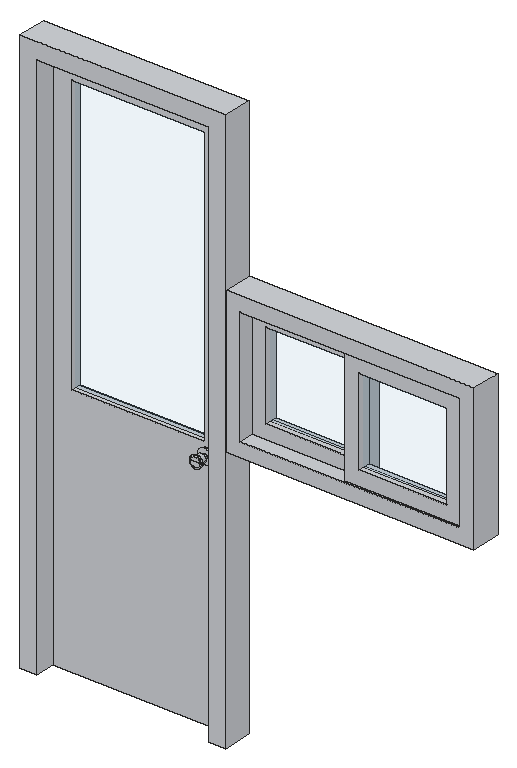
Revit family "D7_鋁門", category 門, Revit 2014
Parameters (values of type "(85+103) x 235 cm")
  玻璃 = 玻璃
  熱阻 (R) = 0.270117 (m²·K)/W
  Visual Light Transmittance = 0
  Solar Heat Gain Coefficient = 0
  營造類型 Id = "MDOOR"
  關鍵註記 = "單開門-矩形"
  傳熱係數 (U) = 3.7021 W/(m²·K)
  功能 = 室內
  門扇材料 = none
  門扇寬度 = Width - 2 * 開門側框寬度  # 750 mm
  門扇厚度 = 40 mm
  Assembly Code = ""
  Rough Height = Height  # 2350 mm
  Rough Width = Width  # 850 mm
  框架深度 = 120 mm
  框擋板寬度 = 門扇厚度 / 2  # 20 mm
  框總寬度 [instance] = 開門側框寬度 + 框擋板寬度  # 70 mm
  Height = 2350 mm
  牆封閉 = 依主體
  框架材料 = none
  開門側框寬度 = 50 mm
  握把五金 = none
  Width = 850 mm
  操作 = "左單開門方向"
  解析營造 = "金屬"
Reference planes
  plane 1: y = -210
  plane 2 "中心 (左/右)": x = 0
  plane 3 "左": x = -425
  plane 4 "右": x = 425
  plane 5: z = 2350
  plane 6 "外部": y = -135
  plane 7 "內部": y = -285
  plane 8: y = 320
  plane 9: y = -740
  plane 10: z = 1050
Forms (mm)
  Sweep 1, solid, material <- "框架材料"
    path origin (-5000, -210, 0) x (-1, 0, 0) y (0, 0, 1)
      loop
        line (-5425, 0) -> (-5425, 2350) -> (-4575, 2350) -> (-4575, 0)
    profile origin (425, -210, 1175) x (1, 0, 0) y (0, 1, 0)
      loop
        line (0, 60) -> (-50, 60) -> (-50, 20) -> (-70, 20) -> (-70, -60) -> (0, -60) -> (0, 60)
  Extrusion 2, solid, material <- "門扇材料"
    sketch origin (-5000, -210, 0) x (1, 0, 0) y (0, 0, 1)
      loop
        line (4625, 2300) -> (4625, 0) -> (5375, 0) -> (5375, 2300) -> (4625, 2300)
      loop
        line (5275, 1050) -> (5275, 2200) -> (4725, 2200) -> (4725, 1050) -> (5275, 1050)
    from -60 to -20
  Extrusion 3, solid, material "玻璃" <- "玻璃"
    sketch origin (-5000, -210, 0) x (1, 0, 0) y (0, 0, 1)
      loop
        line (5275, 2200) -> (4725, 2200) -> (4725, 1050) -> (5275, 1050) -> (5275, 2200)
    from -55 to -35
Lines and regions (mm)
  Opening 1
    outline origin (-3050, -285, 0) x (1, 0, 0) y (0, 0, 1)
      loop
        line (2625, 0) -> (3475, 0) -> (3475, 2350) -> (2625, 2350) -> (2625, 0)
  symbolic lines, style "Doors"
    curve 1: line (-375, -150, 0) -> (-335, -150, 0)
    curve 2: line (-375, 600, 0) -> (-375, -150, 0)
    curve 3: line (-335, 600, 0) -> (-375, 600, 0)
    curve 4: line (-335, -150, 0) -> (-335, 600, 0)
  symbolic lines, style "平面圖打開方向"
    curve 5: arc (375, -150, 0) -> (169.289, 365.994, 0) -> (-335, 598.933, 0) r 750
  symbolic lines, style "DoorsFrameMullionProjection"
    curve 6: line (-375, -150, 0) -> (-425, -150, 0)
    curve 7: line (-375, -270, 0) -> (-375, -150, 0)
    curve 8: line (-425, -270, 0) -> (-375, -270, 0)
    curve 9: line (-425, -150, 0) -> (-425, -270, 0)
    curve 10: line (375, -150, 0) -> (425, -150, 0)
    curve 11: line (375, -270, 0) -> (375, -150, 0)
    curve 12: line (425, -270, 0) -> (375, -270, 0)
    curve 13: line (425, -150, 0) -> (425, -270, 0)
  symbolic lines, style "立面圖打開方向"
    curve 14: line (-425, -285, 1050) -> (425, -285, 0)
    curve 15: line (-425, -135, 1050) -> (425, -135, 2350)
  model lines
    curve 16: line (275, -190, 950) -> (-275, -190, 950)
    curve 17: line (275, -190, 100) -> (275, -190, 950)
    curve 18: line (-275, -190, 100) -> (275, -190, 100)
    curve 19: line (-275, -190, 950) -> (-275, -190, 100)
    curve 20: line (-217.778, -190, 950) -> (-217.778, -190, 100)
    curve 21: line (-160.556, -190, 950) -> (-160.556, -190, 100)
    curve 22: line (-103.333, -190, 950) -> (-103.333, -190, 100)
    curve 23: line (-46.111, -190, 950) -> (-46.111, -190, 100)
    curve 24: line (11.111, -190, 950) -> (11.111, -190, 100)
    curve 25: line (68.333, -190, 950) -> (68.333, -190, 100)
    curve 26: line (125.556, -190, 950) -> (125.556, -190, 100)
    curve 27: line (182.778, -190, 950) -> (182.778, -190, 100)
    curve 28: line (240, -190, 950) -> (240, -190, 100)
    curve 29: line (275, -150, 950) -> (-275, -150, 950)
    curve 30: line (275, -150, 100) -> (275, -150, 950)
    curve 31: line (-275, -150, 100) -> (275, -150, 100)
    curve 32: line (-275, -150, 950) -> (-275, -150, 100)
    curve 33: line (-240, -150, 950) -> (-240, -150, 100)
    curve 34: line (-180, -150, 950) -> (-180, -150, 100)
    curve 35: line (-120, -150, 950) -> (-120, -150, 100)
    curve 36: line (-60, -150, 950) -> (-60, -150, 100)
    curve 37: line (0, -150, 950) -> (0, -150, 100)
    curve 38: line (60, -150, 950) -> (60, -150, 100)
    curve 39: line (120, -150, 950) -> (120, -150, 100)
    curve 40: line (180, -150, 950) -> (180, -150, 100)
    curve 41: line (240, -150, 950) -> (240, -150, 100)
Text (mm)
  text "外部" at (-2295.016, 1099.543, 0), in view "參考樓層"
  text "外部" at (0, 1615.38, 3698.081), in view "左"
  text "外部" at (0, 1036.032, 3874.932), in view "右"
Dimensions and locks
  equal spacing: plane 3 "左", plane 2 "中心 (左/右)", plane 4 "右"
  "Width": plane 3 "左" to plane 4 "右"
  "Height": plane 5 to host wall
  host wall to plane 5 = 2350 mm  (x2)
  locked: plane 6 "外部" to host wall at 0
  locked: plane 7 "內部" to host wall
  equal spacing: Sweep 1 sketch curve, host wall, Sweep 1 sketch curve
  "框架深度": Sweep 1 sketch curve to Sweep 1 sketch curve
  "門扇厚度": Sweep 1 sketch curve to Sweep 1 sketch curve
  "開門側框寬度": Sweep 1 sketch curve to Sweep 1 sketch curve
  "框擋板寬度": Sweep 1 sketch curve to Sweep 1 sketch curve
  "Width": Sweep 1 sketch curve to Sweep 1 sketch curve
  "門扇厚度": curve 2 to curve 4
  "門扇寬度": curve 3 to curve 1
  "開門側框寬度": curve 11 to Sweep 1
  "開門側框寬度": curve 9 to curve 7
  equal spacing: Sweep 1, host wall, Sweep 1  (x2)
  "框架深度": Sweep 1 to Sweep 1  (x2)
  equal spacing: curve 6, plane 1, curve 8
  "框架深度": curve 6 to curve 8
  equal spacing: curve 12, plane 1, curve 10
  "框架深度": curve 12 to curve 10
  locked: nested 2 to Sweep 1 at 75
  locked: nested 1 to Sweep 1 at 75
  equal spacing: plane 8, plane 1, plane 9
  plane 8 to plane 9 = 1060 mm
  "門扇厚度": Extrusion 2 to Extrusion 2
  equal spacing: group 2, group 3, group 4, group 5, group 6, group 7, group 8, group 9, group 10, group 11  (x3)
  "門扇寬度": radius of curve 5
  aligned and locked: plane 3 "左" to Opening 1 sketch curve
  aligned and locked: plane 5 to Opening 1 sketch curve  (x2)
  aligned and locked: Opening 1 sketch curve to plane 4 "右"
  aligned and locked: Opening 1 sketch curve to level
  aligned and locked: plane 1 to host wall
  aligned and locked: Sweep 1 to Extrusion 2 sketch curve
  aligned and locked: Extrusion 2 sketch curve to Sweep 1  (x2)
  aligned and locked: level to Extrusion 2 sketch curve
  aligned and locked: Extrusion 2 to Sweep 1
  aligned and locked: nested 1 to Extrusion 2
  aligned and locked: Extrusion 2 to nested 2
  aligned and locked: plane 4 "右" to curve 15
  aligned and locked: plane 5 to curve 15
  aligned and locked: level to curve 14
  aligned and locked: plane 4 "右" to curve 14
  aligned and locked: plane 10 to curve 15
  aligned and locked: plane 3 "左" to curve 15
  aligned and locked: curve 14 to curve 15
  aligned and locked: plane 10 to Extrusion 2
  aligned and locked: Extrusion 2 to curve 32
  aligned and locked: Extrusion 2 to curve 19
  aligned and locked: nested 5 to Sweep 1
Automatic sketch dimensions
  curve 14 to plane 10 = 0 mm
  plane 4 "右" to Sweep 1 sketch curve = 0 mm
  Sweep 1 sketch curve to plane 5 = 0 mm
  Sweep 1 sketch curve to level = 0 mm  (x2)
  Sweep 1 sketch curve to profile plane = 0 mm
  curve 9 to plane 3 "左" = 0 mm
  curve 13 to plane 4 "右" = 0 mm
  Extrusion 2 sketch curve to plane 10 = 0 mm
  Extrusion 2 sketch curve to plane 3 "左" = 150 mm
  plane 5 to Extrusion 2 sketch curve = 150 mm
  Extrusion 2 sketch curve to Extrusion 2 sketch curve = 100 mm
  Extrusion 3 sketch curve to plane 10 = 0 mm
  Extrusion 3 sketch curve to plane 3 "左" = 150 mm
  plane 5 to Extrusion 3 sketch curve = 150 mm
  plane 4 "右" to Extrusion 3 sketch curve = 150 mm
  Extrusion 2 to curve 18 = 0 mm  (x2)
  curve 18 to Extrusion 2 = 100 mm
  Extrusion 2 to curve 16 = 0 mm
  curve 17 to Extrusion 2 = 100 mm
  plane 4 "右" to curve 31 = 150 mm
  curve 30 to plane 10 = 100 mm
  curve 31 to plane 3 "左" = 150 mm
  curve 29 to plane 3 "左" = 150 mm
  level to curve 30 = 100 mm
Nested families
  nested 1: "喇叭鎖" at (355, -190, 0) x (-1, 0, 0) z (0, 0, 1), type "喇叭鎖"
  nested 2: "喇叭鎖" at (355, -150, 0) x (-1, 0, 0) z (0, 0, 1), type "喇叭鎖"
  nested 3: "喇叭鎖" at (365, 60, 1000), type "喇叭鎖", not visible
  nested 4: "喇叭鎖" at (365, 20, 1000), type "喇叭鎖", not visible
  nested 5: "雙開窗- (1)" at (940, -390, 0) x (-1, 0, 0) z (0, 0, 1), type "103 x 60 cm"
    with Height 600 mm, 預設窗台高度 1100 mm, Rough Height 600 mm, Rough Width 1030 mm, Width 1030 mm
Definition of nested family "喇叭鎖"
  Parameters (values of type "喇叭鎖")
    Assembly Code = ""
    握把高度 = 1000 mm
    握把與版面側邊距離 = 75 mm
    握把五金 = none
  Reference planes
    plane 1 "中心 (前/後)": y = 0
    plane 2: z = 0
    plane 3 "中心 (左/右)": x = 0
    plane 4: x = 75
  Forms (mm)
    Revolve 1, solid, material <- "握把五金"
      sketch origin (511.236, -60, 1000) x (1, 0, 0) y (0, 1, 0)
        loop
          line (-436.236, 60) -> (-406.236, 60) -> (-406.236, 66) -> (-426.236, 66) -> (-426.236, 85) -> (-417.636, 85) -> (-411.236, 109.7) -> (-411.236, 113.2) -> (-415.736, 115) -> (-436.236, 115) -> (-436.236, 60)
        axis (-436.236, 60) -> (-436.236, 115)
      angle from 0 to 360
  Dimensions and locks
    "握把與版面側邊距離": plane 3 "中心 (左/右)" to plane 4
    "握把高度": Revolve 1 to level
  Automatic sketch dimensions
    plane 3 "中心 (左/右)" to Revolve 1 sketch curve = 75 mm  (x2)
    Revolve 1 sketch curve to plane 1 "中心 (前/後)" = 0 mm
    plane 3 "中心 (左/右)" to Revolve 1 sketch curve = 85 mm
    Revolve 1 sketch curve to Revolve 1 sketch curve = 8.6 mm
    plane 3 "中心 (左/右)" to Revolve 1 sketch curve = 95.5 mm
    Revolve 1 sketch curve to Revolve 1 sketch curve = 4.5 mm
    Revolve 1 sketch curve to Revolve 1 sketch curve = 20 mm
    plane 1 "中心 (前/後)" to Revolve 1 sketch curve = 60 mm
    Revolve 1 sketch curve to Revolve 1 sketch curve = 6 mm
    Revolve 1 sketch curve to Revolve 1 sketch curve = 19 mm
    Revolve 1 sketch curve to Revolve 1 sketch curve = 24.7 mm
    Revolve 1 sketch curve to Revolve 1 sketch curve = 3.5 mm
    Revolve 1 sketch curve to Revolve 1 sketch curve = 1.8 mm
    Revolve 1 sketch curve to Revolve 1 sketch curve = 200 mm
Definition of nested family "雙開窗- (1)"
  Parameters (values of type "100 x 150 cm")
    Visual Light Transmittance = 0.9
    Solar Heat Gain Coefficient = 0.78
    Construction Type Id = ""
    Height = 1500 mm
    Heat Transfer Coefficient (U) = 3.6886 W/(m²·K)
    預設窗台高度 = 900 mm
    Keynote = "雙開窗"
    Rough Height = Height  # 1500 mm
    Rough Width = Width  # 1000 mm
    裝飾外框寬度 = 60 mm
    玻璃材質 = none
    Wall Closure = (empty or 0)
    裝飾外框材料 = none
    裝飾外框厚度 = 120 mm
    Width = 1000 mm
    Operation = "垂直雙重面板"
    內部框架材料 = none
    內框寬度 = 60 mm
    內框厚度 = 50 mm
    Analytic Construction = (empty or 0)
  Reference planes
    plane 1: y = -180
    plane 2 "中心 (左/右)": x = 0
    plane 3 "左": x = -500
    plane 4 "右": x = 500
    plane 5 "窗台": z = 900
    plane 6 "窗頂": z = 2400
    plane 7 "外部": y = -105
    plane 8 "內部": y = -255
    plane 9: x = -30
    plane 10: x = 30
    plane 11: y = -120
    plane 12: y = -240
    plane 13: x = -440
    plane 14: x = 440
    plane 15: z = 2340
    plane 16: z = 960
  Forms (mm)
    Extrusion 1, solid, material <- "裝飾外框材料"
      sketch origin (0, -180, 0) x (1, 0, 0) y (0, 0, 1)
        loop
          line (-500, 2400) -> (-500, 900) -> (500, 900) -> (500, 2400) -> (-500, 2400)
        loop
          line (-440, 2340) -> (-440, 960) -> (440, 960) -> (440, 2340) -> (-440, 2340)
      from 60 to -60
  Lines and regions (mm)
    Opening 1
      outline origin (3442.648, -255, 0) x (1, 0, 0) y (0, 0, 1)
        loop
          line (-2942.648, 900) -> (-2942.648, 2400) -> (-3942.648, 2400) -> (-3942.648, 900) -> (-2942.648, 900)
  Text (mm)
    text "外部" at (-1963.203, 1332.353, 0), in view "參考樓層"
    text "內部" at (-1981.466, -818.386, 0), in view "參考樓層"
    text "外部" at (0, 923.751, 2943.296), in view "右"
    text "外部" at (0, 1040.484, 2685.409), in view "左"
  Dimensions and locks
    equal spacing: plane 3 "左", plane 2 "中心 (左/右)", plane 4 "右"
    "Width": plane 3 "左" to plane 4 "右"
    "Height": plane 5 "窗台" to plane 6 "窗頂"
    "預設窗台高度": plane 5 "窗台" to level
    locked: plane 7 "外部" to host wall at 0
    locked: plane 8 "內部" to host wall
    equal spacing: plane 9, plane 2 "中心 (左/右)", plane 10
    "內框寬度": plane 9 to plane 10
    equal spacing: plane 11, plane 1, plane 12
    "裝飾外框厚度": plane 11 to plane 12
    "裝飾外框寬度": plane 6 "窗頂" to plane 15
    "裝飾外框寬度": plane 16 to plane 5 "窗台"
    "裝飾外框寬度": plane 3 "左" to plane 13
    "裝飾外框寬度": plane 14 to plane 4 "右"
    aligned and locked: plane 1 to nested 1
    aligned and locked: plane 1 to nested 2
    aligned and locked: nested 1 to plane 10
    aligned and locked: nested 2 to plane 9
    aligned and locked: plane 1 to host wall
    aligned and locked: host wall to Extrusion 1 sketch curve
    aligned and locked: Extrusion 1 sketch curve to host wall  (x3)
    aligned and locked: Opening 1 sketch curve to plane 6 "窗頂"
    aligned and locked: Opening 1 sketch curve to plane 4 "右"
    aligned and locked: Opening 1 sketch curve to plane 5 "窗台"
    aligned and locked: Opening 1 sketch curve to plane 3 "左"
    aligned and locked: Extrusion 1 sketch curve to plane 15
    aligned and locked: plane 13 to Extrusion 1 sketch curve
    aligned and locked: Extrusion 1 sketch curve to plane 14
    aligned and locked: plane 16 to Extrusion 1 sketch curve
    aligned and locked: plane 15 to nested 2
    aligned and locked: plane 16 to nested 2
    aligned and locked: nested 1 to plane 15
    aligned and locked: nested 1 to plane 16
    aligned and locked: nested 1 to plane 13
    aligned and locked: plane 14 to nested 2
    aligned and locked: plane 11 to Extrusion 1
    aligned and locked: Extrusion 1 to plane 12
  Nested families
    nested 1: "窗框" at (-504.928, -1099.367, -40), type "窗框"
      with Height 1380 mm, Width 535 mm
    nested 2: "窗框" at (-29.928, 739.367, -40), type "窗框"
      with Height 1380 mm, Width 535 mm
  Definition of nested family "窗框"
    Parameters (values of type "窗框")
      Height [instance] = 500 mm
      護桿寬度 = 20 mm
      護桿厚度 = 10 mm
      Rough Height = 500 mm
      Rough Width = 600 mm
      Width [instance] = 600 mm
      裝飾外框材料 = none
      玻璃材質 = none
      玻璃厚度 = 10 mm
      裝飾外框寬度 = 60 mm
      裝飾外框厚度 = 50 mm
      Assembly Code = ""
    Reference planes
      plane 1 "中心 (前/後)": y = -919.367
      plane 2: z = 0
      plane 3 "中心 (左/右)": x = 267.428
      plane 4 "玻璃-上": y = -939.367
      plane 5 "玻璃-下": y = -949.367
      plane 6: y = -969.367
      plane 7: x = -32.572
      plane 8: x = 567.428
      plane 9: x = 27.428
      plane 10: x = 507.428
      plane 11: z = 1440
      plane 12: z = 1500
      plane 13: z = 1060
      plane 14: z = 1000
      plane 15: y = -944.367
    Forms (mm)
      Extrusion 1, solid, material <- "玻璃材質"
        sketch origin (-1499.274, -944.367, 1200) x (-1, 0, 0) y (0, 0, 1)
          loop
            line (-1526.702, 240) -> (-2006.702, 240) -> (-2006.702, -140) -> (-1526.702, -140) -> (-1526.702, 240)
        from -5 to 5
      Extrusion 2, solid, material <- "裝飾外框材料"
        sketch origin (-1499.274, -944.367, 1200) x (-1, 0, 0) y (0, 0, 1)
          loop
            line (-1466.702, 300) -> (-2066.702, 300) -> (-2066.702, -200) -> (-1466.702, -200) -> (-1466.702, 300)
          loop
            line (-1526.702, 240) -> (-2006.702, 240) -> (-2006.702, -140) -> (-1526.702, -140) -> (-1526.702, 240)
        from -25 to 25
    Dimensions and locks
      equal spacing: plane 10, plane 3 "中心 (左/右)", plane 9
      "裝飾外框寬度": plane 8 to plane 10
      "裝飾外框寬度": plane 9 to plane 7
      "裝飾外框寬度": plane 12 to plane 11
      "Width": plane 8 to plane 7
      "裝飾外框寬度": plane 13 to plane 14
      "Height": plane 12 to plane 14
      plane 14 to level = 1000 mm
      equal spacing: plane 4 "玻璃-上", plane 15, plane 5 "玻璃-下"
      "玻璃厚度": plane 4 "玻璃-上" to plane 5 "玻璃-下"
      equal spacing: plane 6, plane 15, plane 1 "中心 (前/後)"
      "裝飾外框厚度": plane 6 to plane 1 "中心 (前/後)"
      aligned and locked: Extrusion 1 sketch curve to plane 11
      aligned and locked: plane 9 to Extrusion 1 sketch curve
      aligned and locked: Extrusion 1 sketch curve to plane 10
      aligned and locked: plane 13 to Extrusion 1 sketch curve
      aligned and locked: plane 7 to Extrusion 2 sketch curve
      aligned and locked: Extrusion 2 sketch curve to plane 12
      aligned and locked: Extrusion 2 sketch curve to plane 8
      aligned and locked: plane 9 to Extrusion 2 sketch curve
      aligned and locked: plane 13 to Extrusion 2 sketch curve
      aligned and locked: Extrusion 2 sketch curve to plane 10
      aligned and locked: Extrusion 2 sketch curve to plane 11
      aligned and locked: Extrusion 2 sketch curve to plane 14
      aligned and locked: plane 2 to level
      aligned and locked: plane 6 to Extrusion 2
      aligned and locked: plane 1 "中心 (前/後)" to Extrusion 2
      aligned and locked: plane 5 "玻璃-下" to Extrusion 1
      aligned and locked: plane 4 "玻璃-上" to Extrusion 1
